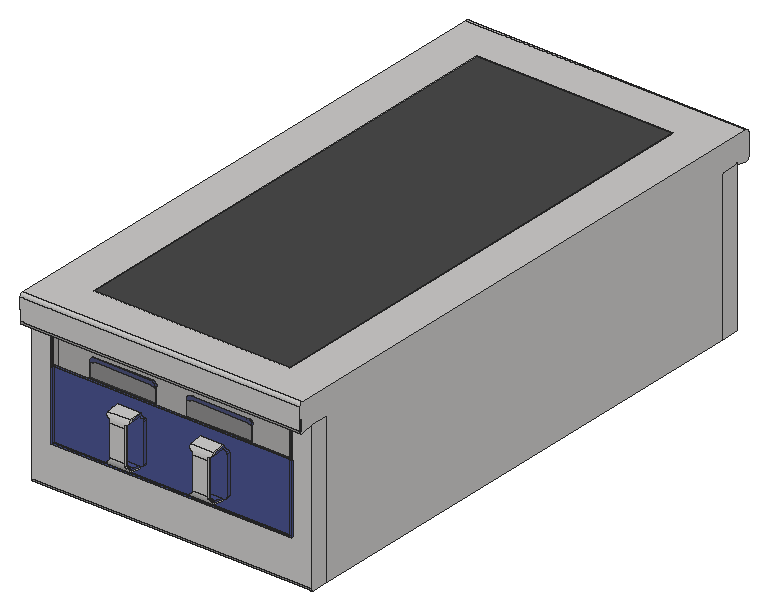
Revit family "QF_ELECTROLUXPROFESSIONAL_588019_MAIBAADOAO", category Specialty Equipment, Revit 2018
Family settings
  Round Connector Dimension = Use Diameter
  Part Type = Normal
  Work Plane-Based = No
  Always vertical = Yes
  Cut with Voids When Loaded = No
  Shared = No
  Room Calculation Point = No
Parameters
  Weight in Pounds = 48.5017
  Watts = 10000 VA  # 10000 W
  Volts = 400 V  # constant formula
  URL Cutsheet = ""
  Type Mark [instance] = ""
  Status [instance] = ""
  Specification by User [instance] = ""
  Specification by Manufacturer = ""
  Serial Number = ""
  Seismic Rating = ""
  SMACNA No = ""
  Revision Code [instance] = ""
  Phase = 3  # constant formula
  Omniclass Number and Title = ""
  Number of Poles [instance] = 1
  NAFEM Spec ID Number = ""
  Model = "588019"
  Min Ckt Ampacity = 0 A
  Max Overcurrent Protection = 0 A
  Masterspec = ""
  Manufacturer = "ELECTROLUX"
  Item Number [instance] = ""
  Installed By [instance] = ""
  Identify Quantity as Lot [instance] = yes
  HP = "13.4 HP"
  Furnished By [instance] = ""
  Foodservice Equipment Identifier [instance] = yes
  FL Amps [instance] = if(Phase = 3, Watts / (Volts * 1.73), Watts / Volts)  # 14.4509 A
  Electrical Remarks = "400 V/3N ph/50/60 Hz"  # constant formula
  Electric Connection Type [instance] = ""
  Elec Conn RI Height [instance] = 0 mm
  Elec Conn Connection Height [instance] = 0 mm
  Direct Waste Size = 0"
  Description = "INDUCTION TOP,2 ZONES,1SIDE,400X800X250H"
  Cycle [instance] = if([60 Hertz Option], 60 Hz, 50 Hz)  # 60 Hz
  Conn Plug = ""
  Conn Conduit = yes
  CSI MasterFormat = ""
  CSI Master Format = ""
  Back Panel [instance] = yes
  Apparent Power [instance] = if(Phase = 3, Volts * FL Amps * 1.73, Volts * FL Amps)  # 10000 VA
  60 Hertz Option [instance] = not([50 Hertz Option])  # yes
  50 Hertz Option [instance] = no
Reference planes
  plane 1 "BACK": y = 0
  plane 2: z = 0
  plane 3 "LEFT": x = 0
  plane 4 "RIGHT": x = 400
  plane 5 "FRONT": y = -800
  plane 6 "TOP": z = 250
  plane 7: x = 200
  plane 8: y = -400
  plane 9: z = 582.185
Forms (mm)
  Extrusion 1, solid, material "QF_Finishes_Stainless Steel"
    sketch origin (0, -487.128, 0) x (0, 1, 0) y (0, 0, 1)
      loop
        line (483.128, 250) -> (-308.872, 250)
        arc (-308.872, 250) -> (-311.7, 248.828) -> (-312.872, 246) r 4
        line (-312.872, 246) -> (-312.872, 214)
        arc (-312.872, 214) -> (-311.443, 210.936) -> (-308.177, 210.061) r 4
        line (-308.177, 210.061) -> (-291.509, 213) -> (-266.872, 213) -> (-266.872, 0) -> (441.128, 0) -> (441.128, 213) -> (465.765, 213) -> (482.433, 210.061)
        arc (482.433, 210.061) -> (485.699, 210.936) -> (487.128, 214) r 4
        line (487.128, 214) -> (487.128, 246)
        arc (487.128, 246) -> (485.956, 248.828) -> (483.128, 250) r 4
    from 0 to 400
  Extrusion 2, solid, material "QF_Finishes_Stainless Steel", visible <- "Back Panel"
    sketch origin (0, 0, 0) x (0, 1, 0) y (0, 0, 1)
      loop
        line (-46, 0) -> (-20, 0) -> (-20, 215)
        arc (-20, 215) -> (-20.586, 213.586) -> (-22, 213) r 2
        line (-22, 213) -> (-46, 213) -> (-46, 0)
    from 0 to 400
  Extrusion 3, void
    sketch origin (653.786, 44.048, 250) x (1, 0, 0) y (0, -1, 0)
      loop
        line (-593.786, 104.048) -> (-313.786, 104.048) -> (-313.786, 787.779) -> (-593.786, 787.779) -> (-593.786, 104.048)
    from 0 to 37
  Extrusion 4, solid, material "QF_Finishes_Stainless Steel"
    sketch origin (0, -754, 0) x (1, 0, 0) y (0, -1, 0)
      loop
        circle (355, -69) r 6.35
    from 0 to 3.2
  Extrusion 5, solid, material "QF_Finishes_Black"
    sketch origin (653.786, 44.048, 213) x (1, 0, 0) y (0, 1, 0)
      loop
        line (-593.786, -787.779) -> (-313.786, -787.779) -> (-313.786, -104.048) -> (-593.786, -104.048) -> (-593.786, -787.779)
    from 0 to 37
Cuts and joins
  Extrusion 3 cuts Extrusion 1
Lines and regions (mm)
  symbolic lines
    curve 1: line (0, 0, 0) -> (400, 0, 0)
    curve 2: line (0, -800, 0) -> (0, 0, 0)
    curve 3: line (400, -800, 0) -> (0, -800, 0)
    curve 4: line (400, 0, 0) -> (400, -800, 0)
    curve 5: line (340, -743.73, 0) -> (340, -60, 0)
    curve 6: line (340, -60, 0) -> (60, -60, 0)
    curve 7: line (60, -60, 0) -> (60, -743.73, 0)
    curve 8: line (60, -743.73, 0) -> (340, -743.73, 0)
    curve 9: line (74.883, -802.326, 0) -> (74.883, -800, 0)
    curve 10: spline (80.551, -803.73, 0) -> (80.073, -803.657, 0) -> (79.595, -803.575, 0) -> (79.118, -803.486, 0) -> (78.642, -803.389, 0) -> (78.167, -803.283, 0) -> (77.693, -803.17, 0) -> (77.221, -803.049, 0) -> (76.75, -802.92, 0) -> (76.281, -802.783, 0) -> (75.813, -802.638, 0) -> (75.347, -802.486, 0) -> (74.883, -802.326, 0)
    curve 11: line (107.098, -802.326, 0) -> (107.098, -800, 0)
    curve 12: spline (107.098, -802.326, 0) -> (106.634, -802.486, 0) -> (106.168, -802.638, 0) -> (105.7, -802.783, 0) -> (105.231, -802.92, 0) -> (104.76, -803.049, 0) -> (104.287, -803.17, 0) -> (103.814, -803.283, 0) -> (103.339, -803.389, 0) -> (102.863, -803.486, 0) -> (102.386, -803.575, 0) -> (101.908, -803.657, 0) -> (101.429, -803.73, 0)
    curve 13: line (80.551, -803.73, 0) -> (101.429, -803.73, 0)
    curve 14: line (325.117, -802.326, 0) -> (325.117, -800, 0)
    curve 15: spline (319.449, -803.73, 0) -> (319.927, -803.657, 0) -> (320.405, -803.575, 0) -> (320.882, -803.486, 0) -> (321.358, -803.389, 0) -> (321.833, -803.283, 0) -> (322.307, -803.17, 0) -> (322.779, -803.049, 0) -> (323.25, -802.92, 0) -> (323.719, -802.783, 0) -> (324.187, -802.638, 0) -> (324.653, -802.486, 0) -> (325.117, -802.326, 0)
    curve 16: line (292.902, -802.326, 0) -> (292.902, -800, 0)
    curve 17: spline (292.902, -802.326, 0) -> (293.366, -802.486, 0) -> (293.832, -802.638, 0) -> (294.3, -802.783, 0) -> (294.769, -802.92, 0) -> (295.24, -803.049, 0) -> (295.713, -803.17, 0) -> (296.186, -803.283, 0) -> (296.661, -803.389, 0) -> (297.137, -803.486, 0) -> (297.614, -803.575, 0) -> (298.092, -803.657, 0) -> (298.571, -803.73, 0)
    curve 18: line (319.449, -803.73, 0) -> (298.571, -803.73, 0)
Dimensions and locks
  plane 3 "LEFT" to plane 4 "RIGHT" = 400 mm
  plane 5 "FRONT" to plane 1 "BACK" = 800 mm
  equal spacing: plane 3 "LEFT", plane 7, plane 4 "RIGHT"
  equal spacing: plane 5 "FRONT", plane 8, plane 1 "BACK"
  plane 6 "TOP" to level = 250 mm  (x2)
  plane 1 "BACK" to plane 5 "FRONT" = 800 mm
  Extrusion 4 sketch curve to plane 1 "BACK" = 685 mm
  Extrusion 4 sketch curve to plane 4 "RIGHT" = 45 mm
  aligned and locked: level to plane 2
  aligned and locked: cut or joined group of Extrusion 1, Extrusion 3 to plane 4 "RIGHT"
  aligned and locked: Extrusion 2 to plane 4 "RIGHT"
  aligned and locked: plane 7 to nested 1
Automatic sketch dimensions
  Extrusion 2 sketch curve to Extrusion 2 sketch curve = 26 mm
  plane 1 "BACK" to Extrusion 2 sketch curve = 22 mm
  Extrusion 2 sketch curve to Extrusion 2 sketch curve = 2 mm
  level to Extrusion 2 sketch curve = 213 mm
  Extrusion 1 sketch curve to plane 5 "FRONT" = 0 mm
  Extrusion 1 sketch curve to plane 6 "TOP" = 0 mm
  Extrusion 1 sketch curve to level = 0 mm
  Extrusion 1 sketch curve to plane 1 "BACK" = 0 mm
  Extrusion 1 sketch curve to plane 6 "TOP" = 37 mm  (x2)
  Extrusion 1 sketch curve to plane 5 "FRONT" = 4 mm
  Extrusion 1 sketch curve to plane 5 "FRONT" = 21.363 mm
  Extrusion 1 sketch curve to plane 5 "FRONT" = 46 mm
  plane 1 "BACK" to Extrusion 1 sketch curve = 21.363 mm
  plane 1 "BACK" to Extrusion 1 sketch curve = 4 mm  (x2)
  Extrusion 1 sketch curve to Extrusion 1 sketch curve = 4 mm
  Extrusion 1 sketch curve to Extrusion 1 sketch curve = 0.695 mm
  Extrusion 1 sketch curve to Extrusion 1 sketch curve = 0 mm  (x4)
  plane 1 "BACK" to Extrusion 1 sketch curve = 4.695 mm
  Extrusion 1 sketch curve to Extrusion 1 sketch curve = 1 mm  (x2)
  plane 1 "BACK" to Extrusion 1 sketch curve = 46 mm
  plane 1 "BACK" to curve 1 = 0 mm
  curve 1 to plane 4 "RIGHT" = 0 mm
  curve 1 to plane 3 "LEFT" = 0 mm
  plane 5 "FRONT" to curve 3 = 0 mm
  plane 4 "RIGHT" to curve 5 = 60 mm
  plane 5 "FRONT" to curve 14 = 2.326 mm
  curve 5 to curve 14 = 14.883 mm
  plane 5 "FRONT" to curve 18 = 3.73 mm
  curve 14 to curve 18 = 5.669 mm
  curve 18 to curve 18 = 20.878 mm
  plane 5 "FRONT" to curve 16 = 2.326 mm
  curve 17 to curve 16 = 5.669 mm
  plane 5 "FRONT" to curve 11 = 2.326 mm
  curve 11 to plane 7 = 92.902 mm
  plane 5 "FRONT" to curve 13 = 3.73 mm
  curve 11 to curve 13 = 5.669 mm
  curve 13 to curve 13 = 20.878 mm
  plane 5 "FRONT" to curve 9 = 2.326 mm
  curve 13 to curve 9 = 5.669 mm
  plane 3 "LEFT" to curve 7 = 60 mm
  curve 5 to curve 15 = 24.722 mm
  curve 15 to curve 17 = 12.538 mm
  plane 5 "FRONT" to curve 12 = 4.032 mm
  curve 13 to curve 12 = 4.17 mm
  curve 12 to curve 10 = 12.538 mm
  plane 1 "BACK" to curve 7 = 60 mm
  curve 8 to curve 12 = 17.168 mm
  curve 10 to curve 12 = 0 mm
  curve 5 to curve 15 = 17.168 mm
  curve 17 to curve 15 = 0 mm
  Extrusion 1 to Extrusion 3 sketch curve = 60 mm  (x2)
  Extrusion 1 to Extrusion 3 sketch curve = 52.27 mm
  Extrusion 1 to Extrusion 3 sketch curve = 56 mm
  Extrusion 5 sketch curve to Extrusion 3 = 0 mm  (x3)
  Extrusion 3 to Extrusion 5 sketch curve = 0 mm
  Extrusion 2 sketch curve to level = 0 mm
  radius of Extrusion 4 sketch curve = 6.35 mm
Nested families
  nested 1: "IDT_800_500 mm Double Control Front Panel" at (202.376, -754, -650), type "IDT_800_500 mm Double Control Front Panel"
Connectors
  electrical at (355, -685, -3.2), driven by "Volts", driven by "Watts"
    settings: on Extrusion 4, index 1, voltage 400 V, apparent load 10000 VA, apparent load phase1 0 VA, apparent load phase2 0 VA, apparent load phase3 0 VA, power factor 1, load classification "Other", number of poles 1, system type 30, power factor state 1, is connector primary yes, connector utility no, sub classification motor no, connector description "ELECTRICAL CONNECTION"
Definition of nested family "IDT_800_500 mm Double Control Front Panel"
  Parameters
    Length = 400 mm
  Reference planes
    plane 1 "Center (Front/Back)": y = 0
    plane 2: z = 0
    plane 3 "Center (Left/Right)": x = -2.376
    plane 4: x = -202.376
    plane 5: x = 197.624
  Forms (mm)
    Extrusion 1, solid
      sketch origin (833.217, 829.203, -1.25) x (0, 1, 0) y (0, 0, 1)
        loop
          arc (-854.203, 654.25) -> (-853.324, 652.129) -> (-851.203, 651.25) r 3
          line (-851.203, 651.25) -> (-829.203, 651.25) -> (-829.203, 864.25) -> (-854.203, 864.25) -> (-854.203, 654.25)
      from -1035.593 to -635.593
    Extrusion 2, void
      sketch origin (33.217, 829.203, -1.25) x (1, 0, 0) y (0, 0, 1)
        loop
          line (-207.593, 852.364) -> (-207.593, 710.364) -> (136.407, 710.364) -> (136.407, 852.364) -> (-207.593, 852.364)
      from 843.409 to 854.203
  Cuts and joins
    Extrusion 2 cuts Extrusion 1
  Dimensions and locks
    equal spacing: plane 5, plane 3 "Center (Left/Right)", plane 4
    "Length": plane 5 to plane 4
    locked: nested 2 to plane 4 at 117.396
    locked: plane 5 to nested 1 at 117
    locked: nested 2 to plane 4 at 141.217
    locked: plane 5 to nested 1 at 140.821
    aligned and locked: cut or joined group of Extrusion 1, Extrusion 2 to plane 4
    aligned and locked: plane 5 to cut or joined group of Extrusion 1, Extrusion 2
    aligned and locked: plane 3 "Center (Left/Right)" to nested 3
  Automatic sketch dimensions
    Extrusion 1 sketch curve to plane 1 "Center (Front/Back)" = 0 mm
    plane 1 "Center (Front/Back)" to Extrusion 1 sketch curve = 22 mm
    Extrusion 1 sketch curve to Extrusion 1 sketch curve = 3 mm
    level to Extrusion 1 sketch curve = 650 mm
    Extrusion 1 sketch curve to Extrusion 1 sketch curve = 210 mm
    plane 4 to Extrusion 2 sketch curve = 28 mm
    Extrusion 2 sketch curve to plane 5 = 28 mm
    level to Extrusion 2 sketch curve = 709.114 mm
    Extrusion 2 sketch curve to Extrusion 2 sketch curve = 142 mm
  Nested families
    nested 1: "Range Control Handle" at (56.804, -28.137, -209.113), type "Range Control Handle"
    nested 2: "Range Control Handle" at (-61.159, -28.137, -209.113) x (-1, 0, 0) z (0, 0, 1), type "Range Control Handle"
    nested 3: "glass conrol panel One Right Side" at (-2.376, 278.697, 0), type "glass conrol panel One Right Side"
  Definition of nested family "Range Control Handle"
    Reference planes
      plane 1 "Center (Front/Back)": y = 0
      plane 2: z = 0
      plane 3 "Center (Left/Right)": x = 0
      plane 4: z = 971.092
    Forms (mm)
      Extrusion 1, solid
        sketch origin (-746.28, 380.497, 208.931) x (-1, 0, 0) y (0, 0, 1)
          loop
            line (-770.101, 786.798) -> (-770.101, 731.649)
            arc (-770.101, 731.649) -> (-769.759, 730.563) -> (-768.855, 729.87) r 1.893
            line (-768.855, 729.87) -> (-763.474, 727.911) -> (-729.81, 727.911) -> (-724.428, 729.87)
            arc (-724.428, 729.87) -> (-723.525, 730.563) -> (-723.183, 731.649) r 1.893
            line (-723.183, 731.649) -> (-723.183, 786.798)
            arc (-723.183, 786.798) -> (-723.529, 787.894) -> (-724.44, 788.593) r 1.91
            line (-724.44, 788.593) -> (-729.683, 790.819) -> (-763.601, 790.819) -> (-768.844, 788.593)
            arc (-768.844, 788.593) -> (-769.755, 787.894) -> (-770.101, 786.798) r 1.91
        from -382.35 to -378.852
      Sweep 2, solid
        path origin (-746.788, 380.496, 208.091) x (0, -1, 0) y (0, 0, 1)
          loop
            line (379.775, 793.281) -> (395.661, 791.048)
            arc (395.661, 791.048) -> (397.781, 787.377) -> (398.517, 783.202) r 12.207
            line (398.517, 783.202) -> (398.517, 737.368)
            arc (398.517, 737.368) -> (397.781, 733.193) -> (395.661, 729.522) r 12.207
            line (395.661, 729.522) -> (379.775, 727.289)
        profile origin (-746.788, -7.222, 1000.256) x (0, -0.139173, 0.990268) y (-1, 0, 0)
          loop
            line (0.782, -763.123) -> (0.782, -730.907) -> (-1.322, -730.907) -> (-1.322, -763.123) -> (0.782, -763.123)
      Sweep 3, solid
        path origin (-746.788, 380.715, 207.832) x (0, -1, 0) y (0, 0, 1)
          loop
            line (380.478, 795.442) -> (397.218, 793.09)
            arc (397.218, 793.09) -> (399.929, 788.473) -> (400.871, 783.202) r 15.207
            line (400.871, 783.202) -> (400.871, 737.584)
            arc (400.871, 737.584) -> (399.914, 732.274) -> (397.164, 727.633) r 15.207
            line (397.164, 727.633) -> (380.601, 725.305)
        profile origin (-746.788, -8.132, 1002.099) x (0, -0.139173, 0.990268) y (-1, 0, 0)
          loop
            line (0.782, -763.123) -> (0.782, -730.907) -> (-1.322, -730.907) -> (-1.322, -763.123) -> (0.782, -763.123)
      Extrusion 4, void
        sketch origin (889.253, 220.666, 207.993) x (1, 0, 0) y (0, 0, 1)
          loop
            line (-943.038, 816.854) -> (-943.038, 703.686) -> (-899.466, 734.196) -> (-899.466, 786.344) -> (-943.038, 816.854)
        from 230.636 to 242.25
      Extrusion 5, void
        sketch origin (-888.8, 220.666, 207.993) x (-1, 0, 0) y (0, 0, -1)
          loop
            line (-943.038, -816.854) -> (-899.466, -786.344) -> (-899.466, -734.196) -> (-943.038, -703.686) -> (-943.038, -816.854)
        from 230.636 to 242.25
      Extrusion 6, solid
        sketch origin (0, 0, 0) x (1, 0, 0) y (0, 0, 1)
          loop
            circle (0, 971.092) r 7.736
        from -3.137 to -1.645
    Cuts and joins
      Extrusion 4, Extrusion 5 cuts Sweep 3
      Extrusion 4, Extrusion 5 cuts Sweep 2
      joined: Extrusion 1, Extrusion 6
    Lines and regions (mm)
      symbolic lines
        curve 1: line (23.821, 1.645, 0) -> (-23.097, 1.645, 0)
        curve 2: line (16.334, -1.853, 0) -> (23.821, -1.853, 0)
        curve 3: line (-15.881, -19.189, 0) -> (-15.881, -1.853, 0)
        curve 4: line (-23.097, -1.853, 0) -> (-15.881, -1.853, 0)
        curve 5: line (16.334, -19.189, 0) -> (16.334, -1.853, 0)
        curve 6: spline (-15.881, -19.189, 0) -> (-15.417, -19.349, 0) -> (-14.951, -19.501, 0) -> (-14.483, -19.646, 0) -> (-14.014, -19.783, 0) -> (-13.543, -19.912, 0) -> (-13.071, -20.033, 0) -> (-12.597, -20.146, 0) -> (-12.122, -20.251, 0) -> (-11.646, -20.349, 0) -> (-11.169, -20.438, 0) -> (-10.691, -20.52, 0) -> (-10.213, -20.593, 0)
        curve 7: spline (10.666, -20.593, 0) -> (11.144, -20.52, 0) -> (11.622, -20.438, 0) -> (12.099, -20.349, 0) -> (12.575, -20.251, 0) -> (13.05, -20.146, 0) -> (13.524, -20.033, 0) -> (13.996, -19.912, 0) -> (14.467, -19.783, 0) -> (14.936, -19.646, 0) -> (15.404, -19.501, 0) -> (15.87, -19.349, 0) -> (16.334, -19.189, 0)
        curve 8: line (-10.213, -20.938, 0) -> (10.716, -20.938, 0)
        curve 9: line (-23.097, 1.645, 0) -> (-23.097, -1.853, 0)
        curve 10: line (23.821, 1.645, 0) -> (23.821, -1.853, 0)
  Definition of nested family "glass conrol panel One Right Side"
    Reference planes
      plane 1 "Center (Front/Back)": y = 0
      plane 2: z = 0
      plane 3 "Center (Left/Right)": x = 0
    Forms (mm)
      Extrusion 1, solid
        sketch origin (378.286, 0, 0.617) x (1, 0, 0) y (0, 0, 1)
          loop
            line (-550.286, 806.791) -> (-550.286, 708.497) -> (-206.286, 708.497) -> (-206.286, 806.791) -> (-550.286, 806.791)
        from 300.031 to 304.8
      Extrusion 2, solid
        sketch origin (378.286, 0, 0.617) x (1, 0, 0) y (0, 0, 1)
          loop
            line (-550.286, 850.497) -> (-550.286, 806.791) -> (-206.286, 806.791) -> (-206.286, 850.497) -> (-550.286, 850.497)
        from 300.031 to 304.8
      Extrusion 3, void
        sketch origin (378.286, 0, 0.617) x (1, 0, 0) y (0, 0, 1)
          loop
            line (-547.628, 847.565) -> (-547.628, 710.699) -> (-209.196, 710.699) -> (-209.196, 847.565) -> (-547.628, 847.565)
        from 303.697 to 304.8
      Extrusion 4, solid
        sketch origin (377.536, 1.101, -0.633) x (1, 0, 0) y (0, 0, 1)
          loop
            line (-261.431, 812.62) -> (-261.431, 834.177) -> (-266.24, 834.177) -> (-268.039, 835.977) -> (-348.469, 835.977) -> (-350.269, 834.177) -> (-355.186, 834.177) -> (-355.186, 812.62) -> (-261.431, 812.62)
        from 304.798 to 306.745
      Extrusion 5, solid
        sketch origin (377.536, 1.101, -0.633) x (1, 0, 0) y (0, 0, 1)
          loop
            line (-350.269, 834.177) -> (-348.469, 835.977) -> (-268.039, 835.977) -> (-266.24, 834.177) -> (-261.529, 834.177)
            arc (-261.529, 834.177) -> (-262.706, 838.752) -> (-266.98, 840.763) r 5.549
            line (-266.98, 840.763) -> (-349.686, 840.763)
            arc (-349.686, 840.763) -> (-353.942, 838.747) -> (-355.078, 834.177) r 5.5
            line (-355.078, 834.177) -> (-350.269, 834.177)
        from 304.798 to 306.745
      Extrusion 6, solid
        sketch origin (-377.536, 1.101, -0.633) x (-1, 0, 0) y (0, 0, -1)
          loop
            line (-261.431, -812.62) -> (-355.186, -812.62) -> (-355.186, -834.177) -> (-350.269, -834.177) -> (-348.469, -835.977) -> (-268.039, -835.977) -> (-266.24, -834.177) -> (-261.431, -834.177) -> (-261.431, -812.62)
        from 304.798 to 306.745
      Extrusion 7, solid
        sketch origin (-377.536, 1.101, -0.633) x (-1, 0, 0) y (0, 0, -1)
          loop
            line (-350.269, -834.177) -> (-355.078, -834.177)
            arc (-355.078, -834.177) -> (-353.942, -838.747) -> (-349.686, -840.763) r 5.5
            line (-349.686, -840.763) -> (-266.98, -840.763)
            arc (-266.98, -840.763) -> (-262.706, -838.752) -> (-261.529, -834.177) r 5.549
            line (-261.529, -834.177) -> (-266.24, -834.177) -> (-268.039, -835.977) -> (-348.469, -835.977) -> (-350.269, -834.177)
        from 304.798 to 306.745
    Cuts and joins
      Extrusion 3 cuts Extrusion 1
      Extrusion 3 cuts Extrusion 2
      Extrusion 3 cuts Extrusion 4
      Extrusion 3 cuts Extrusion 5
    Dimensions and locks
      aligned and locked: Extrusion 1 to Extrusion 2
      aligned and locked: Extrusion 5 sketch curve to Extrusion 4  (x4)
      aligned and locked: Extrusion 4 to Extrusion 5 sketch curve
      aligned and locked: Extrusion 5 to Extrusion 4
      aligned and locked: Extrusion 7 sketch curve to Extrusion 6  (x5)
      aligned and locked: Extrusion 7 to Extrusion 6
